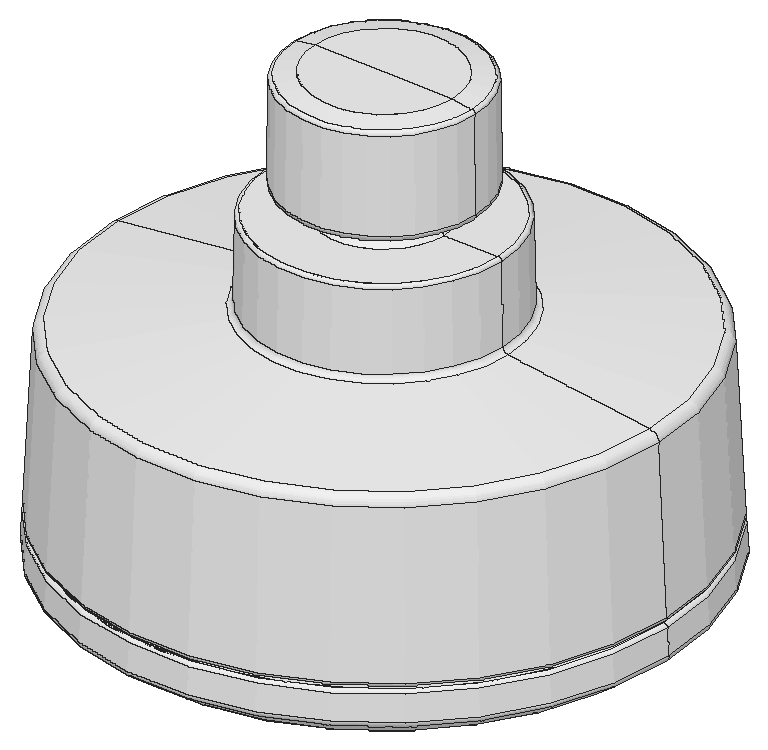
Revit family "Shower_Head-GROHE-New_Tempesta_Cosmopolitan_100-26366001", category Plumbing Fixtures, Revit 2014
Parameters (values of type "26366001")
  cUPC Compliant = yes
  Width = 3 15/16"
  Waste Connection = no
  Warranty Documentation Link = "https://cdn.cloud.grohe.com/tpi/1000/1900/1940/1949/1949006/original/1949006.pdf"
  WFU = 4
  Vent Connection = no
  URL = "http://www.grohe.com/"
  Tempered Water Connection Radius = 1/4"  # constant formula
  Tempered Water Connection Diameter = Tempered Water Connection Radius * 2  # 1/2"
  Product Page URL = "https://www.grohe.us/en_us/new-tempesta-cosmopolitan-100-shower-head-1-spray-26366001.html"
  Price = "Prices may vary. Please consult Manufacturer Representative for most up-to-date price list."  # constant formula
  Model = "26366001"
  Material = "Metal-Grohe-001-Chrome"
  Manufacturer = "GROHE"
  Hot Water Connection Radius = Tempered Water Connection Radius  # 1/4"
  Hot Water Connection Diameter = Hot Water Connection Radius * 2  # 1/2"
  Height = 3 3/8"
  HWFU = 3
  HW Connection = yes
  Flow Rate = "1.75 gpm (6.6 L/min)"  # constant formula
  Finish = Metal-Grohe-001-Chrome
  Description = "New Tempesta Cosmopolitan 100 Shower Head 1 Spray"  # constant formula
  Default Elevation = 0"
  Creation Date = "2017/04/25"  # constant formula
  Cold Water Connection Radius = Hot Water Connection Radius  # 1/4"
  Cold Water Connection Diameter = Cold Water Connection Radius * 2  # 1/2"
  CalGreen Compliant = yes
  CWFU = 3
  CW Connection = yes
  Assembly Code = "D2010700"
Reference planes (in)
  plane 1 "Center (Front/Back)": y = 0
  plane 2: z = 0
  plane 3 "Center (Left/Right)": x = 0
  plane 4: z = -3.30859
  plane 5: x = 1.96875
  plane 6: x = -1.96875
Forms (in)
  Revolve 1, solid, material "Metal-Grohe-001-Chrome"
    sketch origin (0, 0, 0) x (1, 0, 0) y (0, 0, 1)
      loop
        line (0.62963, -0.66137) -> (0.6243, -0.04987)
        arc (0.6243, -0.04987) -> (0.61777, -0.03231) -> (0.60153, -0.02297) r 0.02756
        line (0.60153, -0.02297) -> (0.47124, 0) -> (0, 0) -> (0, -3.30341) -> (0.35265, -3.30341)
        arc (0.35265, -3.30341) -> (0.42531, -3.2875) -> (0.4895, -3.24992) r 0.23774
        arc (0.4895, -3.24992) -> (0.98765, -3.1992) -> (1.48507, -3.1417) r 36.71042
        arc (1.48507, -3.1417) -> (1.62894, -3.11169) -> (1.7658, -3.05813) r 0.87879
        arc (1.7658, -3.05813) -> (1.78175, -3.05446) -> (1.79598, -3.04636) r 0.05633
        arc (1.79598, -3.04636) -> (1.87067, -2.99765) -> (1.94049, -2.94218) r 0.95456
        arc (1.94049, -2.94218) -> (1.95079, -2.92794) -> (1.95384, -2.91063) r 0.03917
        line (1.95384, -2.91063) -> (1.94486, -2.73969)
        arc (1.94486, -2.73969) -> (1.93544, -2.72612) -> (1.92069, -2.71869) r 0.03357
        line (1.92069, -2.71869) -> (1.84693, -2.71869) -> (1.82174, -2.699) -> (1.92176, -2.699)
        arc (1.92176, -2.699) -> (1.93591, -2.69292) -> (1.94124, -2.67848) r 0.0195
        line (1.94124, -2.67848) -> (1.88604, -1.62519)
        arc (1.88604, -1.62519) -> (1.86796, -1.58151) -> (1.82642, -1.55892) r 0.07087
        arc (1.82642, -1.55892) -> (1.3395, -1.49166) -> (0.8502, -1.44473) r 11.81102
        arc (0.8502, -1.44473) -> (0.82451, -1.4325) -> (0.81377, -1.40615) r 0.03937
        line (0.81377, -1.40615) -> (0.80474, -0.88875)
        arc (0.80474, -0.88875) -> (0.79768, -0.87231) -> (0.78112, -0.86554) r 0.02362
        line (0.78112, -0.86554) -> (0.40709, -0.86554) -> (0.36417, -0.82262) -> (0.36417, -0.75728)
        arc (0.36417, -0.75728) -> (0.37378, -0.72499) -> (0.39948, -0.70321) r 0.05906
        line (0.39948, -0.70321) -> (0.58815, -0.70321)
        arc (0.58815, -0.70321) -> (0.61761, -0.69093) -> (0.62963, -0.66137) r 0.04148
      axis (0, 0) -> (0, -3.30341)
    angle from 0 to 360
Lines and regions (in)
  Masking region 1
    outline origin (0, 0, 0) x (1, 0, 0) y (0, 1, 0)
      loop
        arc (-0.07874, 1.95234) -> (0, -1.95393) -> (0.07874, 1.95234) r 1.95393
        line (0.07874, 1.95234) -> (0.07874, 2.7638) -> (-0.07874, 2.7638) -> (-0.07874, 1.95234)
  symbolic lines, detail levels fine
    curve 1: circle (0, 0, 0) r 0.62701 normal (0, 0, 1)
    curve 3: circle (0, 0, 0) r 0.81665 normal (0, 0, 1)
    curve 4: line (0.07874, 2.11117, 0) -> (-0.07874, 2.11117, 0)
  symbolic lines, detail levels medium+fine
    curve 2: circle (0, 0, 0) r 0.47124 normal (0, 0, 1)
    curve 5: arc (-0.07874, 1.95234, 0) -> (0, 1.95515, 0) -> (0.07874, 1.95234, 0) r 1.10457
Dimensions and locks (in)
  level to plane 4 = 3 79/256"
  equal spacing: plane 6, plane 3 "Center (Left/Right)", plane 5
  plane 5 to plane 6 = 3 15/16"
Automatic sketch dimensions
  Revolve 1 sketch curve to plane 3 "Center (Left/Right)" = 0"  (x2)
  Revolve 1 sketch curve to level = 0"
  Revolve 1 sketch curve to plane 3 "Center (Left/Right)" = 0.03269"
  plane 6 to Revolve 1 sketch curve = 1.01051"
  plane 3 "Center (Left/Right)" to Revolve 1 sketch curve = 0.33876"
  Revolve 1 sketch curve to plane 4 = 0.00518"
  Revolve 1 sketch curve to Revolve 1 sketch curve = 0.01389"
  plane 3 "Center (Left/Right)" to Revolve 1 sketch curve = 0.36417"
  Revolve 1 sketch curve to Revolve 1 sketch curve = 0.0353"
  Revolve 1 sketch curve to Revolve 1 sketch curve = 0.04291"  (x2)
  Revolve 1 sketch curve to Revolve 1 sketch curve = 0.02375"
  Revolve 1 sketch curve to Revolve 1 sketch curve = 0.47124"
  Revolve 1 sketch curve to Revolve 1 sketch curve = 0.16492"
  Revolve 1 sketch curve to level = 0.05011"
  Revolve 1 sketch curve to Revolve 1 sketch curve = 0.1255"
  Revolve 1 sketch curve to level = 0.02297"
  Revolve 1 sketch curve to Revolve 1 sketch curve = 0.00479"
  Revolve 1 sketch curve to level = 0.04987"
  Revolve 1 sketch curve to Revolve 1 sketch curve = 0.04148"  (x2)
  Revolve 1 sketch curve to Revolve 1 sketch curve = 0.19297"
  Revolve 1 sketch curve to Revolve 1 sketch curve = 0.02362"
  Revolve 1 sketch curve to Revolve 1 sketch curve = 0.00903"
  Revolve 1 sketch curve to Revolve 1 sketch curve = 0.03936"
  Revolve 1 sketch curve to plane 5 = 0.6563"
  Revolve 1 sketch curve to Revolve 1 sketch curve = 0.06575"
  Revolve 1 sketch curve to plane 5 = 0.20745"
  Revolve 1 sketch curve to plane 5 = 0.15348"
  Revolve 1 sketch curve to plane 5 = 0.14701"
  Revolve 1 sketch curve to Revolve 1 sketch curve = 0.0252"
  Revolve 1 sketch curve to Revolve 1 sketch curve = 0.07077"
  Revolve 1 sketch curve to plane 5 = 0.05533"
  Revolve 1 sketch curve to plane 5 = 0.05403"
  Revolve 1 sketch curve to Revolve 1 sketch curve = 0.00728"
  Revolve 1 sketch curve to Revolve 1 sketch curve = 0.00107"
  Revolve 1 sketch curve to Revolve 1 sketch curve = 0.01947"
  Revolve 1 sketch curve to plane 5 = 0.02389"
  Revolve 1 sketch curve to plane 5 = 0.01491"
  plane 4 to Revolve 1 sketch curve = 9.91411"
  Revolve 1 sketch curve to Revolve 1 sketch curve = 0.23734"
  Revolve 1 sketch curve to plane 4 = 0.30662"
  Revolve 1 sketch curve to Revolve 1 sketch curve = 0.0893"
  Revolve 1 sketch curve to Revolve 1 sketch curve = 0.00205"
  Revolve 1 sketch curve to Revolve 1 sketch curve = 0.16122"
  Revolve 1 sketch curve to Revolve 1 sketch curve = 0.01177"
  Revolve 1 sketch curve to Revolve 1 sketch curve = 0.01969"
  Revolve 1 sketch curve to Revolve 1 sketch curve = 0.0195"
  Revolve 1 sketch curve to Revolve 1 sketch curve = 0.42957"
  Revolve 1 sketch curve to Revolve 1 sketch curve = 0.0461"
  Revolve 1 sketch curve to Revolve 1 sketch curve = 0.64054"
  Revolve 1 sketch curve to Revolve 1 sketch curve = 0.00371"
  Revolve 1 sketch curve to Revolve 1 sketch curve = 0.81718"
  Revolve 1 sketch curve to Revolve 1 sketch curve = 0.00069"
  Revolve 1 sketch curve to Revolve 1 sketch curve = 0.517"
  Revolve 1 sketch curve to Revolve 1 sketch curve = 0.00041"
  Revolve 1 sketch curve to Revolve 1 sketch curve = 0.06534"
  level to Revolve 1 sketch curve = 33.29626"
  Revolve 1 sketch curve to plane 4 = 0.05868"
  Revolve 1 sketch curve to Revolve 1 sketch curve = 0"  (x2)
  Revolve 1 sketch curve to Revolve 1 sketch curve = 0.0045"
  Revolve 1 sketch curve to Revolve 1 sketch curve = 0.03018"
  Revolve 1 sketch curve to level = 0.12106"
  level to Revolve 1 sketch curve = 0.57867"
  plane 1 "Center (Front/Back)" to Masking region 1 sketch curve = 0"
  Masking region 1 sketch curve to plane 3 "Center (Left/Right)" = 0"
  Masking region 1 sketch curve to plane 3 "Center (Left/Right)" = 0.07874"
  plane 3 "Center (Left/Right)" to Masking region 1 sketch curve = 0.07874"
  Masking region 1 sketch curve to plane 1 "Center (Front/Back)" = 1.95234"
  Masking region 1 sketch curve to Masking region 1 sketch curve = 0.81146"
  curve 1 to curve 2 = 0"  (x2)
  curve 1 to curve 3 = 0"  (x2)
  curve 2 to curve 3 = 0"  (x2)
  plane 1 "Center (Front/Back)" to curve 3 = 0"
  curve 3 to plane 3 "Center (Left/Right)" = 0"
  curve 5 to plane 3 "Center (Left/Right)" = 0"
  curve 1 to curve 5 = 0.85058"
  curve 4 to plane 3 "Center (Left/Right)" = 0.07874"
  curve 5 to plane 3 "Center (Left/Right)" = 0.07874"
  plane 3 "Center (Left/Right)" to curve 5 = 0.07874"
  plane 3 "Center (Left/Right)" to curve 4 = 0.07874"
  curve 5 to curve 5 = 1.10176"
  curve 5 to curve 4 = 0.15883"
  radius of curve 1 = 0.62701"
  radius of curve 2 = 0.47124"
  radius of curve 3 = 0.81665"
Connectors (in)
  piping at (0, 0, 0), diameter 0.5, driven by "Tempered Water Connection Diameter"
    settings: on Revolve 1, index 1, connector inside diameter 24", connector length 0", flow factor 0, pipe flow 0 GPM, pressure drop 0.00 psi, fitting loss kfactor 0, connector angle 0.00°, fixture units 0, engagement length 0", angle of deflection 0.00°, flow configuration 0, flow direction 1, fitting loss method 0, system type 29, joint type 0, gender type 0, connector reference index -1, connector utility 0, adjustable connector no, is connector primary yes, connector description "1/2\" NPT Supply Inlet"
